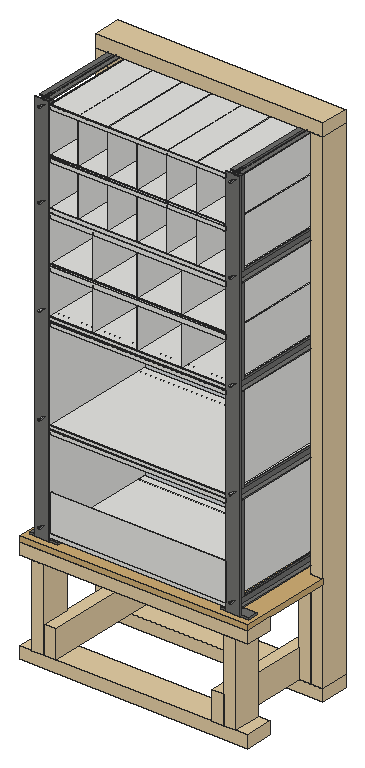
Revit family "Mailboxes_Aluminum-Rack_Ladder_System-Salsbury_Industries-4_Unit_High_Wall_Installation", category Specialty Equipment, host Wall, Revit 2016 (continued)
Definition of nested family "2200_Series_Aluminum_Mailboxes_Rack_Ladder_Units"
  Parameters (values of type "2201")
    Lock Material = none
    Horizontal Dividers = no
    Height = 12.188"
    Front Panel Material = none
    Door Slot #9 Number [instance] = "0"
    Door Slot #8 Number [instance] = "0"
    Door Slot #7 Number [instance] = "0"
    Door Slot #6 Number [instance] = "0"
    Door Slot #5 Number [instance] = "0"
    Door Slot #4 Number [instance] = "0"
    Door Slot #3 Number [instance] = "0"
    Door Slot #2 Number [instance] = "0"
    Door Slot #17 Number [instance] = "1"
    Door Slot #16 Number [instance] = "0"
    Door Slot #15 Number [instance] = "0"
    Door Slot #14 Number [instance] = "0"
    Door Slot #13 Number [instance] = "0"
    Door Slot #12 Number [instance] = "0"
    Door Slot #11 Number [instance] = "0"
    Door Slot #10 Number [instance] = "0"
    Door Slot #1 Number [instance] = "0"
    Door Numbers [instance] = yes
    Door Location D9 = Rack Ladder None : No Door
    Door Location D8 = Rack Ladder None : No Door
    Door Location D7 = Rack Ladder None : No Door
    Door Location D6 = Rack Ladder None : No Door
    Door Location D5 = Rack Ladder None : No Door
    Door Location D4 = Rack Ladder None : No Door
    Door Location D3 = Rack Ladder None : No Door
    Door Location D2 = Rack Ladder None : No Door
    Door Location D17 = Rack Ladder #4 Door-Left Blank Door : #4 Door Left Blank Door
    Door Location D16 = Rack Ladder None : No Door
    Door Location D15 = Rack Ladder None : No Door
    Door Location D13 = Rack Ladder None : No Door
    Door Location D12 = Rack Ladder #4 Door-Right Keyed Door : #4 Right Keyed Door
    Door Location D11 = Rack Ladder None : No Door
    Door Location D10 = Rack Ladder None : No Door
    Door Location D1 = Rack Ladder None : No Door
    Door Location D14 = Rack Ladder None : No Door
    Door Divider Offset = 22.031"
    Dividers 6, 7 = no
    Dividers 1, 2, 4, 5 = no
    Divider 3 Parcel = no
    Divider 3 = no
    Description = "Rack Ladder System - 1 Door"
    Depth = 15.500"
    Box Offset = 0.156"
    Back Panel = no
    Back Enclosure Material = none
    Assembly Code = "C1030910"
  Types (10): name | Void 2 Offset | Void 1 Offset | Visible | Type Comments | Rear Overhang | Rear Door | Model | Horizontal Dividers | Door Slot #9 Number | Door Slot #8 Number | Door Slot #7 Number | Door Slot #6 Number | Door Slot #5 Number | Door Slot #4 Number | Door Slot #3 Number | Door Slot #2 Number | Door Slot #17 Number | Door Slot #16 Number | Door Slot #15 Number | Door Slot #14 Number | Door Slot #13 Number | Door Slot #12 Number | Door Slot #11 Number | Door Slot #10 Number | Door Slot #1 Number | Door Numbers | Door Location D9 | Door Location D8 | Door Location D7 | Door Location D6 | Door Location D5 | Door Location D4 | Door Location D3 | Door Location D2 | Door Location D17 | Door Location D16 | Door Location D15 | Door Location D13 | Door Location D12 | Door Location D11 | Door Location D10 | Door Location D1 | Door Location D14 | Door Divider Offset | Dividers 6, 7 | Dividers 1, 2, 4, 5 | Divider 3 Parcel | Divider 3 | Description | Back Panel
    2212 | 0.000" | 0.000" | yes | "Aluminum Mailbox" | yes | no | "2212" | yes | "9" | "8" | "7" | "6" | "5" | "4" | "3" | "2" | "0" | "0" | "0" | "0" | "0" | "1\r\n2" | "1\r\n1" | "1\r\n0" | "1" | yes | Rack Ladder #1 Door : #1 Door | Rack Ladder #1 Door : #1 Door | Rack Ladder #1 Door : #1 Door | Rack Ladder #1 Door : #1 Door | Rack Ladder #1 Door : #1 Door | Rack Ladder #1 Door : #1 Door | Rack Ladder #1 Door : #1 Door | Rack Ladder #1 Door : #1 Door | Rack Ladder None : No Door | Rack Ladder None : No Door | Rack Ladder None : No Door | Rack Ladder None : No Door | Rack Ladder #1 Door : #1 Door | Rack Ladder #1 Door : #1 Door | Rack Ladder #1 Door : #1 Door | Rack Ladder #1 Door : #1 Door | Rack Ladder None : No Door | 0.000" | no | yes | no | yes | "Rack Ladder System - 12 #1 Doors" | no
    2208 | 0.000" | 0.000" | yes | "Aluminum Mailbox" | yes | no | "2208" | yes | "6" | "0" | "0" | "4" | "0" | "0" | "2" | "0" | "0" | "7" | "5" | "3" | "1" | "8" | "0" | "0" | "0" | yes | Rack Ladder #2 Door : #2 Door | Rack Ladder None : No Door | Rack Ladder None : No Door | Rack Ladder #2 Door : #2 Door | Rack Ladder None : No Door | Rack Ladder None : No Door | Rack Ladder #2 Door : #2 Door | Rack Ladder None : No Door | Rack Ladder None : No Door | Rack Ladder #2 Door : #2 Door | Rack Ladder #2 Door : #2 Door | Rack Ladder #2 Door : #2 Door | Rack Ladder #2 Door : #2 Door | Rack Ladder None : No Door | Rack Ladder None : No Door | Rack Ladder None : No Door | Rack Ladder #2 Door : #2 Door | 0.000" | yes | no | no | yes | "Rack Ladder System - 8 #2 Doors" | no
    2204 | 0.000" | 0.000" | yes | "Aluminum Mailbox" | yes | no | "2204" | yes | "3" | "0" | "0" | "2" | "0" | "0" | "1" | "0" | "0" | "0" | "0" | "0" | "0" | "4" | "0" | "0" | "0" | yes | Rack Ladder #3 Door : #3 Door | Rack Ladder None : No Door | Rack Ladder None : No Door | Rack Ladder #3 Door : #3 Door | Rack Ladder None : No Door | Rack Ladder None : No Door | Rack Ladder #3 Door : #3 Door | Rack Ladder None : No Door | Rack Ladder None : No Door | Rack Ladder None : No Door | Rack Ladder None : No Door | Rack Ladder None : No Door | Rack Ladder #3 Door : #3 Door | Rack Ladder None : No Door | Rack Ladder None : No Door | Rack Ladder None : No Door | Rack Ladder None : No Door | 0.000" | no | no | no | yes | "Rack Ladder System - 4 #3 Doors" | no
    2202 | 0.040" | 6.200" | yes | "Aluminum Mailbox" | yes | no | "2202" | no | "1" | "0" | "0" | "0" | "0" | "0" | "0" | "0" | "0" | "0" | "0" | "0" | "0" | "2" | "0" | "0" | "0" | yes | Rack Ladder #4 Door : #4 Door | Rack Ladder None : No Door | Rack Ladder None : No Door | Rack Ladder None : No Door | Rack Ladder None : No Door | Rack Ladder None : No Door | Rack Ladder None : No Door | Rack Ladder None : No Door | Rack Ladder None : No Door | Rack Ladder None : No Door | Rack Ladder None : No Door | Rack Ladder None : No Door | Rack Ladder #4 Door : #4 Door | Rack Ladder None : No Door | Rack Ladder None : No Door | Rack Ladder None : No Door | Rack Ladder None : No Door | 0.000" | no | no | no | yes | "Rack Ladder System - 2 #4 Doors" | no
    2201 | 0.040" | 6.200" | yes | "Aluminum Mailbox" | yes | no | "2201" | no | "0" | "0" | "0" | "0" | "0" | "0" | "0" | "0" | "1" | "0" | "0" | "0" | "0" | "0" | "0" | "0" | "0" | yes | Rack Ladder None : No Door | Rack Ladder None : No Door | Rack Ladder None : No Door | Rack Ladder None : No Door | Rack Ladder None : No Door | Rack Ladder None : No Door | Rack Ladder None : No Door | Rack Ladder None : No Door | Rack Ladder #4 Door-Left Blank Door : #4 Door Left Blank Door | Rack Ladder None : No Door | Rack Ladder None : No Door | Rack Ladder None : No Door | Rack Ladder #4 Door-Right Keyed Door : #4 Right Keyed Door | Rack Ladder None : No Door | Rack Ladder None : No Door | Rack Ladder None : No Door | Rack Ladder None : No Door | 22.031" | no | no | no | no | "Rack Ladder System - 1 Door" | no
    2280 | 0.040" | 6.200" | yes | "Aluminum Drop Box" | yes | no | "2280" | no | "0" | "0" | "0" | "0" | "0" | "0" | "0" | "0" | "M\r\nA\r\nI\r\nL" | "0" | "0" | "0" | "0" | "0" | "0" | "0" | "0" | yes | Rack Ladder None : No Door | Rack Ladder None : No Door | Rack Ladder None : No Door | Rack Ladder None : No Door | Rack Ladder None : No Door | Rack Ladder None : No Door | Rack Ladder None : No Door | Rack Ladder None : No Door | Rack Ladder #4 Door-Left Mail Door-Full : #4 Door Left Mail Door-Full Slot | Rack Ladder None : No Door | Rack Ladder None : No Door | Rack Ladder None : No Door | Rack Ladder #4 Door-Right Mail Door-Full : #4 Door Right Mail Door - Full Slot | Rack Ladder None : No Door | Rack Ladder None : No Door | Rack Ladder None : No Door | Rack Ladder None : No Door | 22.031" | no | no | no | no | "Rack Ladder System - 1 Compartment" | yes
    2282 | 0.040" | 6.200" | yes | "Aluminum Drop Boxes" | yes | no | "2282" | no | "M\r\nA\r\nI\r\nL" | "0" | "0" | "0" | "0" | "0" | "0" | "0" | "0" | "0" | "0" | "0" | "0" | "M\r\nA\r\nI\r\nL" | "0" | "0" | "0" | yes | Rack Ladder #4 Door-Mail Door-Center : #4 Door Right Mail Door-Centered Slot | Rack Ladder None : No Door | Rack Ladder None : No Door | Rack Ladder None : No Door | Rack Ladder None : No Door | Rack Ladder None : No Door | Rack Ladder None : No Door | Rack Ladder None : No Door | Rack Ladder None : No Door | Rack Ladder None : No Door | Rack Ladder None : No Door | Rack Ladder None : No Door | Rack Ladder #4 Door-Mail Door-Center : #4 Door Right Mail Door-Centered Slot | Rack Ladder None : No Door | Rack Ladder None : No Door | Rack Ladder None : No Door | Rack Ladder None : No Door | 0.000" | no | no | no | yes | "Rack Ladder System - 2 Compartments" | yes
    None | 0.000" | 0.000" | no | "Aluminum Mailbox" | no | no | "2212" | no | "9" | "8" | "7" | "6" | "5" | "4" | "3" | "2" | "0" | "0" | "0" | "0" | "0" | "1\r\n2" | "1\r\n1" | "1\r\n0" | "1" | no | Rack Ladder #1 Door : #1 Door | Rack Ladder #1 Door : #1 Door | Rack Ladder #1 Door : #1 Door | Rack Ladder #1 Door : #1 Door | Rack Ladder #1 Door : #1 Door | Rack Ladder #1 Door : #1 Door | Rack Ladder #1 Door : #1 Door | Rack Ladder #1 Door : #1 Door | Rack Ladder None : No Door | Rack Ladder None : No Door | Rack Ladder None : No Door | Rack Ladder None : No Door | Rack Ladder #1 Door : #1 Door | Rack Ladder #1 Door : #1 Door | Rack Ladder #1 Door : #1 Door | Rack Ladder #1 Door : #1 Door | Rack Ladder None : No Door | 0.000" | no | no | no | no | "Rack Ladder System - 12 #1 Doors" | no
    2270P | 0.040" | 6.200" | yes | "Aluminum Parcel Locker" | no | yes | "2270P" | no | "1" | "0" | "0" | "0" | "0" | "0" | "0" | "0" | "0" | "0" | "0" | "0" | "0" | "2" | "0" | "0" | "0" | yes | Rack Ladder None : No Door | Rack Ladder None : No Door | Rack Ladder None : No Door | Rack Ladder None : No Door | Rack Ladder None : No Door | Rack Ladder None : No Door | Rack Ladder None : No Door | Rack Ladder None : No Door | Rack Ladder None : No Door | Rack Ladder None : No Door | Rack Ladder None : No Door | Rack Ladder None : No Door | Rack Ladder #4 Door-Right Parcel Doors : Full Parcel Door | Rack Ladder None : No Door | Rack Ladder None : No Door | Rack Ladder None : No Door | Rack Ladder None : No Door | 0.000" | no | no | no | no | "Rack Ladder System - 1 Door" | no
    2272P | 0.040" | 6.200" | yes | "Aluminum Parcel Lockers" | no | yes | "2272P" | no | "1" | "0" | "0" | "0" | "0" | "0" | "0" | "0" | "0" | "0" | "0" | "0" | "0" | "2" | "0" | "0" | "0" | yes | Rack Ladder #4 Door-Right Parcel Doors : #4 Door-Right Parcel Door 1P | Rack Ladder None : No Door | Rack Ladder None : No Door | Rack Ladder None : No Door | Rack Ladder None : No Door | Rack Ladder None : No Door | Rack Ladder None : No Door | Rack Ladder None : No Door | Rack Ladder None : No Door | Rack Ladder None : No Door | Rack Ladder None : No Door | Rack Ladder None : No Door | Rack Ladder #4 Door-Right Parcel Doors : #4 Door-Right Parcel Door 2P | Rack Ladder None : No Door | Rack Ladder None : No Door | Rack Ladder None : No Door | Rack Ladder None : No Door | 0.000" | no | no | yes | no | "Rack Ladder System - 2 Doors" | no
  Reference planes (in)
    plane 1 "Center (Front/Back)": y = 0
    plane 2 "Bottom": z = 0
    plane 3 "Center (Left/Right)": x = 0
    plane 4 "Left": x = -11.625
    plane 5 "Right": x = 11.625
    plane 6 "Front": y = -7.75
    plane 7 "Back": y = 7.75
    plane 8 "Vertical Center": z = 6.094
    plane 9 "Top": z = 12.188
    plane 10: y = -7.625
    plane 11 "Door Align-Back of Door": y = -7.09375
    plane 12 "Back Edge of Top Trim": y = -6.21875
    plane 13 "Front Edge of Side Panels": y = -6.8125
    plane 14 "Back Edge of Side Panels": y = 7.625
    plane 15: y = -7.563
    plane 16: y = -7.063
    plane 17 "Back Edge of Bottom Trim": y = -6.1255
    plane 18: z = 0.125
    plane 19: z = 0.0625
    plane 20 "Bottom Trim Height": z = 0.25
    plane 21 "Top Trim Height": z = 11.8755
    plane 22: z = 12.03175
    plane 23: z = 12.063
    plane 24 "Right Side Trim Alignment-Top and Bottom Trim": x = 11.25
    plane 25 "Inner Right Side of Trim": x = 11.09375
    plane 26 "Right Wall of Enclsosure": x = 10.93775
    plane 27: y = -7.5
    plane 28: y = -7.375
    plane 29 "Back Edge of Side Trim": y = -6.3125
    plane 30 "Left Side Trim Alignment-Top and Bottom Trim": x = -11.25
    plane 31 "Trop Trim Extrusion Line": y = -7.53125
    plane 32 "Left Wall of Enclosure": x = -11.0935
    plane 33: z = 11.7505
    plane 34: z = -0.249
    plane 35: z = 0
    plane 36: x = -11.59375
    plane 37: x = 11.625
    plane 38 "Door Divider 2": x = -3.6975
    plane 39 "Door Divider 3": x = 0.0005
    plane 40 "Door Divider 4": x = 3.6985
    plane 41 "Door Divider 7": x = 5.54825
    plane 42 "Door Divider 5": x = 7.3965
    plane 43 "Void 1": z = 6.063
    plane 44 "Void 2 Offset": y = 7.665
    plane 45 "Bottom Compartment Section-Top Plate": z = 5.907
    plane 46 "Door Divider 6": x = -5.54675
    plane 47 "Door Divider 1": x = -7.3955
    plane 48 "Door Divider Offset Align": x = 11.09375
    plane 49 "Door Divider": x = -10.93725
    plane 50 "Void 1 Offset": z = -0.137
    plane 51 "Void 2": y = 7.625
    plane 52: z = 6.188
    plane 53 "Vertical Center of Back Enclosure": z = 6.063
    plane 54 "Door Align - Row 2": z = 0.28125
    plane 55 "Door Align - Row 1": z = 6.219
    plane 56 "Vertical Door Align 5": x = 7.23725
    plane 57 "Vertical Door Align 8": x = 5.389
    plane 58 "Vertical Door Align 4": x = 3.53925
    plane 59 "Vertical Door Align 3": x = -0.15875
    plane 60 "Vertical Door Align 2": x = -3.85675
    plane 61 "Vertical Door Align 7": x = -5.70575
    plane 62 "Vertical Door Align 1": x = -7.5545
    plane 63 "Vertical Door Align 6": x = 10.9375
    plane 64 "OffSet Divider Line": x = -11.0935
    plane 65 "Hinge 1": x = 5.93775
    plane 66 "Hinge 2": x = -6.0935
    plane 67: z = 11.84425
    plane 68: x = -11.06225
    plane 69: x = 10.9065
    plane 70: z = 5.938
    plane 71: z = 11.84425
    plane 72: z = 11.81325
    plane 73: z = 11.41742
    plane 74: z = 11.38642
    plane 75: y = 7.719
    plane 76: y = 7.656
    plane 77: y = 7.594
    plane 78: y = 7.719
    plane 79: y = 7.656
    plane 80: z = 5.876
    plane 81: z = 5.47992
    plane 82: z = 5.44892
    plane 83: z = 10.688
    plane 84: z = 0.46875
    plane 85: z = 0.15625
    plane 86: x = 7.0315
    plane 87: x = 4.844
    plane 88: x = -4.99975
    plane 89: x = -7.18725
    plane 90: y = 7.656
    plane 91: z = 4.875
    plane 92: y = 7.594
    plane 93: x = -11.3745
    plane 94: y = 7.5625
    plane 95: y = 6.6875
    plane 96: y = 6.625
    plane 97: z = 0.1875
    plane 98: z = 0.0625
    plane 99: z = 11.84425
    plane 100: x = 7.4275
    plane 101: x = 5.57925
    plane 102: x = 3.7295
    plane 103: x = 0.0315
    plane 104: x = -3.6665
    plane 105: x = -5.51575
    plane 106: x = -7.3645
    plane 107: z = 6.12525
    plane 108: y = -7.3755
    plane 109: y = -7.5
    plane 110: x = -11.09325
    plane 111: y = 7.5625
  Forms (in)
    Extrusion 1, solid, material <- "Trim Material", visible <- "Visible"
      sketch origin (0, 0, 0) x (0, 1, 0) y (0, 0, 1)
        loop
          line (-7.75, 11.8755) -> (-6.21875, 11.8755) -> (-6.21875, 12.03175) -> (-7.09375, 12.03175) -> (-7.09375, 12.063) -> (-7.625, 12.063) -> (-7.625, 12.188) -> (-7.75, 12.188) -> (-7.75, 11.8755)
      from -11.25 to 11.25
    Extrusion 2, solid, material <- "Trim Material", visible <- "Visible"
      sketch origin (0, 0, 0) x (0, 1, 0) y (0, 0, 1)
        loop
          line (-6.1255, 0.25) -> (-7.75, 0.25) -> (-7.75, 0.125) -> (-7.563, 0.125) -> (-7.563, 0) -> (-7.063, 0) -> (-7.063, 0.0625) -> (-6.1255, 0.0625) -> (-6.1255, 0.25)
      from -11.625 to 11.625
    Extrusion 3, solid, material <- "Trim Material", visible <- "Visible"
      sketch origin (0, 0, 6.094) x (0, -1, 0) y (1, 0, 0)
        loop
          line (7.5, 11.625) -> (7.375, 11.625) -> (7.375, 11.25) -> (6.3125, 11.25) -> (6.3125, 11.09375) -> (7.75, 11.09375) -> (7.75, 11.25) -> (7.5, 11.25) -> (7.5, 11.625)
      from -5.844 to 5.7815
    Extrusion 4, void
      sketch origin (0, 0, 0) x (1, 0, 0) y (0, 1, 0)
        loop
          line (11.625, -7.75) -> (11.625, -7.5) -> (11.25, -7.5) -> (11.25, -7.75) -> (11.625, -7.75)
      from 0 to 0.25
    Extrusion 5, solid, material <- "Trim Material", visible <- "Visible"
      sketch origin (0, 0, 6.094) x (0, -1, 0) y (1, 0, 0)
        loop
          line (7.5, -11.625) -> (7.5, -11.25) -> (7.75, -11.25) -> (7.75, -11.0935) -> (6.3125, -11.0935) -> (6.3125, -11.25) -> (7.3755, -11.25) -> (7.3755, -11.625) -> (7.5, -11.625)
      from -5.844 to 5.7815
    Extrusion 6, void
      sketch origin (0, 0, 0) x (-1, 0, 0) y (0, -1, 0)
        loop
          line (11.625, 7.75) -> (11.25, 7.75) -> (11.25, 7.5) -> (11.625, 7.5) -> (11.625, 7.75)
      from 0 to 0.25
    Extrusion 7, void
      sketch origin (0, 0, 0) x (0, 1, 0) y (0, 0, 1)
        loop
          line (-7.75, 11.8755) -> (-7.53125, 11.8755) -> (-7.53125, 12.03175) -> (-7.75, 12.03175) -> (-7.75, 11.8755)
      from -11.0935 to 11.09375
    Sweep 8, solid, material <- "Back Enclosure Material", visible <- "Visible"
      path origin (0, 0, 0) x (1, 0, 0) y (0, 0, 1)
        loop
          line (-11.0935, 11.8755) -> (-11.0935, 0.25) -> (10.93775, 0.25) -> (10.93775, 11.8755) -> (-11.0935, 11.8755)
      profile origin (-0.07788, 0, 11.8755) x (0, 0, 1) y (0, -1, 0)
        loop
          line (0, 7.09375) -> (-0.03125, 7.09375) -> (-0.03125, -7.625) -> (0, -7.625) -> (0, 7.09375)
    Extrusion 9, solid, material <- "Back Enclosure Material", visible <- "Rear Overhang"
      sketch origin (0, 0, 0) x (0, 1, 0) y (0, 0, 1)
        loop
          line (7.625, 11.8755) -> (7.625, 11.84425) -> (7.719, 11.84425) -> (7.719, 11.41742) -> (7.656, 11.41742) -> (7.656, 11.81325) -> (7.625, 11.81325) -> (7.625, 11.38642) -> (7.75, 11.38642) -> (7.75, 11.8755) -> (7.625, 11.8755)
      from -11.0935 to 10.93775
    Extrusion 10, solid, material <- "Back Enclosure Material", visible <- "Visible"
      sketch origin (0, 0, 0) x (0, 1, 0) y (0, 0, 1)
        loop
          line (7.625, 0.25) -> (6.625, 0.25) -> (6.625, 0.0625) -> (6.6875, 0.0625) -> (6.6875, 0.1875) -> (7.5625, 0.1875) -> (7.5625, -0.249) -> (7.625, -0.249) -> (7.625, 0.25)
      from -11.59375 to 11.625
    Extrusion 11, void
      sketch origin (0, 0, -0.137) x (0, -1, 0) y (1, 0, 0)
        loop
          line (-7.625, -11.0935) -> (7.563, -11.0935) -> (7.563, 11.09375) -> (-7.625, 11.09375) -> (-7.625, -11.0935)
      from -0.125 to 0.125
    Extrusion 12, void
      sketch origin (0, 7.665, 0) x (0, 0, -1) y (1, 0, 0)
        loop
          line (-6.219, 11.25) -> (-6.219, 10.93775) -> (-5.907, 10.93775) -> (-5.907, 11.25) -> (-6.219, 11.25)
        loop
          line (-6.219, -11.0935) -> (-6.219, -11.375) -> (-5.907, -11.375) -> (-5.907, -11.0935) -> (-6.219, -11.0935)
      from 0 to 0.031
    Extrusion 13, solid, material <- "Back Enclosure Material", visible <- "Horizontal Dividers"
      sketch origin (0, 0, -5.8595) x (0, 1, 0) y (0, 0, 1)
        loop
          line (7.625, 11.7975) -> (7.625, 11.9535) -> (7.594, 11.9535) -> (7.594, 11.7665) -> (7.719, 11.7665) -> (7.719, 11.33942) -> (7.656, 11.33942) -> (7.656, 11.7355) -> (7.625, 11.7355) -> (7.625, 11.30842) -> (7.75, 11.30842) -> (7.75, 11.7975) -> (7.625, 11.7975)
      from -11.0935 to 10.93775
    Extrusion 14, solid, material <- "Front Panel Material", visible <- "Visible"
      sketch origin (-10.93725, 0, 0) x (0, -1, 0) y (0, 0, 1)
        loop
          line (6.3125, 11.8755) -> (6.3125, 0.25) -> (7.53125, 0.25) -> (7.53125, 11.8755) -> (6.3125, 11.8755)
      from 0 to 0.156
    Extrusion 15, solid, material <- "Front Panel Material", visible <- "Dividers 6, 7"
      sketch origin (5.54825, 0, 0) x (0, 0, -1) y (0, -1, 0)
        loop
          line (-11.8755, 6.3125) -> (-0.25, 6.3125) -> (-0.25, 7.53125) -> (-11.8755, 7.53125) -> (-11.8755, 6.3125)
      from 0 to 0.15925
    Extrusion 16, solid, material <- "Front Panel Material", visible <- "Dividers 1, 2, 4, 5"
      sketch origin (7.3965, 0, 0) x (0, 0, -1) y (0, -1, 0)
        loop
          line (-11.8755, 6.3125) -> (-0.25, 6.3125) -> (-0.25, 7.53125) -> (-11.8755, 7.53125) -> (-11.8755, 6.3125)
      from 0 to 0.15925
    Extrusion 17, solid, material <- "Front Panel Material", visible <- "Dividers 6, 7"
      sketch origin (-5.54675, 0, 0) x (0, 0, -1) y (0, 1, 0)
        loop
          line (-11.8755, -6.3125) -> (-11.8755, -7.53125) -> (-0.25, -7.53125) -> (-0.25, -6.3125) -> (-11.8755, -6.3125)
      from 0 to -0.159
    Extrusion 18, solid, material <- "Front Panel Material", visible <- "Dividers 1, 2, 4, 5"
      sketch origin (3.6985, 0, 0) x (0, 0, -1) y (0, -1, 0)
        loop
          line (-11.8755, 6.3125) -> (-0.25, 6.3125) -> (-0.25, 7.53125) -> (-11.8755, 7.53125) -> (-11.8755, 6.3125)
      from 0 to 0.15925
    Extrusion 19, solid, material <- "Front Panel Material", visible <- "Divider 3"
      sketch origin (0.0005, 0, 0) x (0, 0, -1) y (0, -1, 0)
        loop
          line (-11.8755, 6.3125) -> (-0.25, 6.3125) -> (-0.25, 7.53125) -> (-11.8755, 7.53125) -> (-11.8755, 6.3125)
      from 0 to 0.15925
    Extrusion 20, solid, material <- "Front Panel Material", visible <- "Dividers 1, 2, 4, 5"
      sketch origin (-3.6975, 0, 0) x (0, 0, -1) y (0, -1, 0)
        loop
          line (-11.8755, 6.3125) -> (-0.25, 6.3125) -> (-0.25, 7.53125) -> (-11.8755, 7.53125) -> (-11.8755, 6.3125)
      from 0 to 0.15925
    Extrusion 21, solid, material <- "Front Panel Material", visible <- "Dividers 1, 2, 4, 5"
      sketch origin (-7.3955, 0, 0) x (0, 0, -1) y (0, 1, 0)
        loop
          line (-11.8755, -6.3125) -> (-11.8755, -7.53125) -> (-0.25, -7.53125) -> (-0.25, -6.3125) -> (-11.8755, -6.3125)
      from 0 to -0.159
    Extrusion 22, solid, material <- "Back Enclosure Material", visible <- "Horizontal Dividers"
      sketch origin (0, 0, 5.907) x (1, 0, 0) y (0, 1, 0)
        loop
          line (-11.06225, 7.594) -> (-11.06225, -7.09375) -> (10.9065, -7.09375) -> (10.9065, 7.594) -> (-11.06225, 7.594)
      from 0 to 0.031
    Extrusion 23, solid, material <- "Back Enclosure Material", visible <- "Horizontal Dividers"
      sketch origin (0, 0, 6.219) x (1, 0, 0) y (0, 1, 0)
        loop
          line (-11.06225, 7.625) -> (-11.06225, -7.09375) -> (10.9065, -7.09375) -> (10.9065, 7.625) -> (-11.06225, 7.625)
      from 0 to -0.031
    Extrusion 24, solid, material <- "Trim Material", visible <- "Horizontal Dividers"
      sketch origin (0, 0, 0) x (0, 1, 0) y (0, 0, 1)
        loop
          line (-6.3125, 5.938) -> (-6.3125, 6.188) -> (-7.75, 6.188) -> (-7.75, 6.12525) -> (-7.53125, 6.12525) -> (-7.53125, 5.938) -> (-6.3125, 5.938)
      from -11.0935 to 11.09375
    Extrusion 25, solid, material <- "Back Enclosure Material", visible <- "Dividers 1, 2, 4, 5"
      sketch origin (7.3965, 0, 0) x (0, 0, -1) y (0, -1, 0)
        loop
          line (-11.84425, 7.09375) -> (-11.84425, -7.625) -> (-0.28125, -7.625) -> (-0.28125, 7.09375) -> (-11.84425, 7.09375)
      from 0 to -0.031
    Extrusion 26, solid, material <- "Back Enclosure Material", visible <- "Dividers 1, 2, 4, 5"
      sketch origin (3.6985, 0, 0) x (0, 0, -1) y (0, -1, 0)
        loop
          line (-11.84425, 7.09375) -> (-11.84425, -7.625) -> (-0.28125, -7.625) -> (-0.28125, 7.09375) -> (-11.84425, 7.09375)
      from 0 to -0.031
    Extrusion 27, solid, material <- "Back Enclosure Material", visible <- "Divider 3"
      sketch origin (0.0005, 0, 0) x (0, 0, -1) y (0, -1, 0)
        loop
          line (-11.84425, 7.09375) -> (-11.84425, -7.625) -> (-0.28125, -7.625) -> (-0.28125, 7.09375) -> (-11.84425, 7.09375)
      from 0 to -0.031
    Extrusion 28, solid, material <- "Back Enclosure Material", visible <- "Dividers 1, 2, 4, 5"
      sketch origin (-3.6975, 0, 0) x (0, 0, -1) y (0, -1, 0)
        loop
          line (-11.84425, 7.09375) -> (-11.84425, -7.625) -> (-0.28125, -7.625) -> (-0.28125, 7.09375) -> (-11.84425, 7.09375)
      from 0 to -0.031
    Extrusion 29, solid, material <- "Back Enclosure Material", visible <- "Dividers 1, 2, 4, 5"
      sketch origin (-7.3955, 0, 0) x (0, 0, -1) y (0, 1, 0)
        loop
          line (-11.84425, -7.09375) -> (-0.28125, -7.09375) -> (-0.28125, 7.625) -> (-11.84425, 7.625) -> (-11.84425, -7.09375)
      from 0 to 0.031
    Extrusion 30, solid, material <- "Back Enclosure Material", visible <- "Dividers 6, 7"
      sketch origin (5.54825, 0, 0) x (0, 0, -1) y (0, -1, 0)
        loop
          line (-11.84425, 7.09375) -> (-11.84425, -7.625) -> (-0.28125, -7.625) -> (-0.28125, 7.09375) -> (-11.84425, 7.09375)
      from 0 to -0.031
    Extrusion 31, solid, material <- "Back Enclosure Material", visible <- "Dividers 6, 7"
      sketch origin (-5.54675, 0, 0) x (0, 0, -1) y (0, 1, 0)
        loop
          line (-11.84425, -7.09375) -> (-0.28125, -7.09375) -> (-0.28125, 7.625) -> (-11.84425, 7.625) -> (-11.84425, -7.09375)
      from 0 to 0.031
    Extrusion 32, solid, visible <- "Visible"
      sketch origin (10.93775, 0, 0) x (0, -1, 0) y (0, 0, 1)
        loop
          line (-7.594, 11.8755) -> (-7.625, 11.8755) -> (-7.625, 0.25) -> (-7.594, 0.25) -> (-7.594, 11.8755)
      from -0.31225 to 0
    Extrusion 33, solid, visible <- "Visible"
      sketch origin (-11.0935, 0, 0) x (0, 0, -1) y (0, -1, 0)
        loop
          line (-11.8755, -7.594) -> (-11.8755, -7.625) -> (-0.28125, -7.625) -> (-0.28125, -7.594) -> (-11.8755, -7.594)
      from 0.281 to 0
    Extrusion 34, solid, material <- "Back Enclosure Material", visible <- "Back Panel"
      sketch origin (0, 7.625, 0) x (0, 0, -1) y (1, 0, 0)
        loop
          line (-0.25, 10.93775) -> (-4.875, 10.93775) -> (-4.875, -11.0935) -> (-0.25, -11.0935) -> (-0.25, 10.93775)
      from 0 to -0.031
    Extrusion 35, solid, material <- "Back Enclosure Material", visible <- "Rear Door"
      sketch origin (0, 7.625, 0) x (0, 0, -1) y (1, 0, 0)
        loop
          line (-11.8755, 10.93775) -> (-11.8755, -11.0935) -> (-10.688, -11.0935) -> (-10.688, 10.93775) -> (-11.8755, 10.93775)
      from 0 to -0.031
    Extrusion 36, solid, material <- "Back Enclosure Material", visible <- "Rear Door"
      sketch origin (0, 7.625, 0) x (0, 0, -1) y (1, 0, 0)
        loop
          line (-10.688, 10.93775) -> (-10.688, -11.0935) -> (0.249, -11.0935) -> (0.249, 10.93775) -> (-10.688, 10.93775)
        loop
          line (-0.15625, 7.0315) -> (-0.46875, 7.0315) -> (-0.46875, 4.844) -> (-0.15625, 4.844) -> (-0.15625, 7.0315)
        loop
          line (-0.15625, -4.99975) -> (-0.46875, -4.99975) -> (-0.46875, -7.18725) -> (-0.15625, -7.18725) -> (-0.15625, -4.99975)
      from 0 to -0.031
    Extrusion 37, solid, material <- "Trim Material", visible <- "Divider 3 Parcel"
      sketch origin (-0.15875, 0, 0) x (0, 0, -1) y (0, -1, 0)
        loop
          line (-11.8755, 6.3125) -> (-0.25, 6.3125) -> (-0.25, 7.53125) -> (-11.8755, 7.53125) -> (-11.8755, 6.3125)
      from 0 to -0.15925
    Extrusion 38, solid, material <- "Front Panel Material", visible <- "Visible"
      sketch origin (11.09375, 0, 0) x (0, -1, 0) y (0, 0, 1)
        loop
          line (6.3125, 11.8755) -> (6.3125, 0.25) -> (7.53125, 0.25) -> (7.53125, 11.8755) -> (6.3125, 11.8755)
      from 0 to 0.156
  Cuts and joins
    Extrusion 4, Extrusion 7 cuts Extrusion 1
    Extrusion 4, Extrusion 6 cuts Extrusion 2
    Extrusion 4, Extrusion 7 cuts Extrusion 3
    Extrusion 11, Extrusion 12 cuts Sweep 8
    Extrusion 11 cuts Extrusion 14
    Extrusion 11 cuts Extrusion 16
    Extrusion 11 cuts Extrusion 15
    Extrusion 11 cuts Extrusion 18
    Extrusion 11 cuts Extrusion 19
    Extrusion 11 cuts Extrusion 20
    Extrusion 11 cuts Extrusion 17
    Extrusion 11 cuts Extrusion 21
    Extrusion 11 cuts Extrusion 25
    Extrusion 11 cuts Extrusion 30
    Extrusion 11 cuts Extrusion 26
    Extrusion 11 cuts Extrusion 27
    Extrusion 11 cuts Extrusion 28
    Extrusion 11 cuts Extrusion 31
    Extrusion 11 cuts Extrusion 29
    Extrusion 12 cuts Extrusion 32
    Extrusion 12 cuts Extrusion 33
  Lines and regions (in)
    symbolic lines
      curve 1: line (-11.625, 7.75, 11.8755) -> (-11.0935, 7.75, 11.8755)
      curve 2: line (-11.625, 7.75, 0.25) -> (-11.625, 7.75, 11.8755)
      curve 3: line (-11.0935, 7.75, 0.25) -> (-11.625, 7.75, 0.25)
      curve 4: line (-11.0935, 7.75, 11.8755) -> (-11.0935, 7.75, 0.25)
      curve 5: line (11.09375, 7.75, 11.8755) -> (11.625, 7.75, 11.8755)
      curve 6: line (11.09375, 7.75, 0.25) -> (11.09375, 7.75, 11.8755)
      curve 7: line (11.625, 7.75, 0.25) -> (11.09375, 7.75, 0.25)
      curve 8: line (11.625, 7.75, 11.8755) -> (11.625, 7.75, 0.25)
      curve 9: line (-11.25, 7.75, 12.188) -> (11.25, 7.75, 12.188)
      curve 10: line (-11.25, 7.75, 11.8755) -> (-11.25, 7.75, 12.188)
      curve 11: line (11.25, 7.75, 11.8755) -> (-11.25, 7.75, 11.8755)
      curve 12: line (11.25, 7.75, 12.188) -> (11.25, 7.75, 11.8755)
      curve 13: line (-11.625, 7.75, 0.25) -> (11.625, 7.75, 0.25)
      curve 14: line (-11.625, 7.75, 0) -> (-11.625, 7.75, 0.25)
      curve 15: line (11.625, 7.75, 0) -> (-11.625, 7.75, 0)
      curve 16: line (11.625, 7.75, 0.25) -> (11.625, 7.75, 0)
      curve 17: line (0.0005, -6.3125, 11.8755) -> (0.0005, 7.75, 11.8755)
      curve 18: line (0.0005, -6.3125, 0) -> (0.0005, -6.3125, 11.8755)
      curve 19: line (0.0005, 7.75, 0) -> (0.0005, -6.3125, 0)
      curve 20: line (0.0005, 7.75, 11.8755) -> (0.0005, 7.75, 0)
      curve 21: line (0.0005, -7.75, 12.188) -> (0.0005, -7.625, 12.188)
      curve 22: line (0.0005, -7.75, 0.125) -> (0.0005, -7.75, 12.188)
      curve 23: line (0.0005, -7.063, 0) -> (0.0005, -7.563, 0)
      curve 24: line (-11.625, 7.75, 0.28125) -> (11.625, 7.75, 0.28125)
      curve 25: line (-11.625, -6.1255, 0.28125) -> (-11.625, 7.75, 0.28125)
      curve 26: line (11.625, -6.1255, 0.28125) -> (-11.625, -6.1255, 0.28125)
      curve 27: line (11.625, 7.75, 0.28125) -> (11.625, -6.1255, 0.28125)
      curve 28: line (-11.625, -7.5, 0.28125) -> (-11.625, -6.1255, 0.28125)
      curve 29: line (11.25, -7.75, 0.28125) -> (-11.25, -7.75, 0.28125)
      curve 30: line (11.625, -6.1255, 0.28125) -> (11.625, -7.5, 0.28125)
      curve 31: line (11.625, -7.5, 0.28125) -> (11.25, -7.5, 0.28125)
      curve 32: line (11.25, -7.5, 0.28125) -> (11.25, -7.75, 0.28125)
      curve 33: line (-11.625, -7.5, 0.28125) -> (-11.25, -7.5, 0.28125)
      curve 34: line (-11.25, -7.5, 0.28125) -> (-11.25, -7.75, 0.28125)
      curve 35: line (0.0005, -7.563, 0) -> (0.0005, -7.563, 0.125)
      curve 36: line (0.0005, -7.563, 0.125) -> (0.0005, -7.75, 0.125)
      curve 37: line (0.0005, -7.063, 0) -> (0.0005, -7.063, 0.0625)
      curve 38: line (0.0005, -7.063, 0.0625) -> (0.0005, -6.1255, 0.0625)
      curve 39: line (0.0005, -7.625, 12.188) -> (0.0005, -7.625, 12.063)
      curve 40: line (0.0005, -7.625, 12.063) -> (0.0005, -7.09375, 12.063)
      curve 41: line (0.0005, -7.09375, 12.063) -> (0.0005, -7.09375, 12.03175)
      curve 42: line (0.0005, -7.09375, 12.03175) -> (0.0005, -6.21875, 12.03175)
      curve 43: line (0.0005, -6.21875, 12.03175) -> (0.0005, -6.21875, 11.8755)
      curve 44: line (0.0005, 7.5625, -0.249) -> (0.0005, 7.5625, 0)
      curve 45: line (0.0005, 7.625, -0.249) -> (0.0005, 7.5625, -0.249)
      curve 46: line (0.0005, 7.625, 0) -> (0.0005, 7.625, -0.249)
  Dimensions and locks (in)
    plane 6 "Front" to plane 1 "Center (Front/Back)" to plane 7 "Back" = 7.750", 7.750"
    "Depth": plane 6 "Front" to plane 7 "Back"
    equal spacing: plane 4 "Left", plane 3 "Center (Left/Right)", plane 5 "Right"
    "Width": plane 4 "Left" to plane 5 "Right"
    equal spacing: plane 9 "Top", plane 8 "Vertical Center", plane 2 "Bottom"
    "Height": plane 9 "Top" to plane 2 "Bottom"
    plane 6 "Front" to plane 10 to plane 11 "Door Align-Back of Door" to plane 12 "Back Edge of Top Trim" = 0.125", 0.53125", 0.875"
    plane 14 "Back Edge of Side Panels" to plane 7 "Back" = 0.125"
    plane 6 "Front" to plane 13 "Front Edge of Side Panels" = 0.9375"
    plane 6 "Front" to plane 15 to plane 16 to plane 17 "Back Edge of Bottom Trim" = 0.187", 0.500", 0.9375"
    plane 18 to plane 2 "Bottom" = 0.125"
    plane 19 to plane 2 "Bottom" = 0.0625"
    plane 20 "Bottom Trim Height" to plane 2 "Bottom" = 0.250"
    plane 9 "Top" to plane 21 "Top Trim Height" = 0.3125"
    plane 22 to plane 9 "Top" = 0.15625"
    plane 23 to plane 9 "Top" = 0.125"
    plane 25 "Inner Right Side of Trim" to plane 24 "Right Side Trim Alignment-Top and Bottom Trim" to plane 5 "Right" = 0.15625", 0.375"
    plane 6 "Front" to plane 27 to plane 28 = 0.250", 0.125"
    plane 6 "Front" to plane 29 "Back Edge of Side Trim" = 1.4375"
    plane 4 "Left" to plane 30 "Left Side Trim Alignment-Top and Bottom Trim" = 0.375"
    Extrusion 3 to plane 5 "Right" = 0.375"
    plane 6 "Front" to plane 31 "Trop Trim Extrusion Line" = 0.21875"
    plane 33 to plane 21 "Top Trim Height" = 0.125"
    plane 34 to plane 35 to plane 20 "Bottom Trim Height" = 0.249", 0.250"
    plane 8 "Vertical Center" to plane 43 "Void 1" = 0.031"
    "Void 2 Offset": plane 14 "Back Edge of Side Panels" to plane 44 "Void 2 Offset"
    plane 32 "Left Wall of Enclosure" to plane 47 "Door Divider 1" = 3.698"
    plane 32 "Left Wall of Enclosure" to plane 46 "Door Divider 6" = 5.54675"
    plane 32 "Left Wall of Enclosure" to plane 38 "Door Divider 2" = 7.396"
    plane 32 "Left Wall of Enclosure" to plane 39 "Door Divider 3" = 11.094"
    plane 32 "Left Wall of Enclosure" to plane 40 "Door Divider 4" = 14.792"
    plane 32 "Left Wall of Enclosure" to plane 41 "Door Divider 7" = 16.64175"
    plane 32 "Left Wall of Enclosure" to plane 42 "Door Divider 5" = 18.490"
    locked: plane 32 "Left Wall of Enclosure" to plane 26 "Right Wall of Enclsosure" at 22.03125
    "Box Offset": plane 26 "Right Wall of Enclsosure" to plane 25 "Inner Right Side of Trim"
    "Door Divider Offset": plane 49 "Door Divider" to plane 48 "Door Divider Offset Align"
    "Void 1 Offset": plane 50 "Void 1 Offset" to plane 43 "Void 1"
    plane 52 to plane 8 "Vertical Center" = 0.094"
    plane 45 "Bottom Compartment Section-Top Plate" to plane 8 "Vertical Center" to plane 52 = 0.187", 0.094"
    plane 56 "Vertical Door Align 5" to plane 42 "Door Divider 5" = 0.15925"
    plane 57 "Vertical Door Align 8" to plane 41 "Door Divider 7" = 0.15925"
    plane 58 "Vertical Door Align 4" to plane 40 "Door Divider 4" = 0.15925"
    plane 59 "Vertical Door Align 3" to plane 39 "Door Divider 3" = 0.15925"
    plane 60 "Vertical Door Align 2" to plane 38 "Door Divider 2" = 0.15925"
    plane 61 "Vertical Door Align 7" to plane 46 "Door Divider 6" = 0.159"
    plane 62 "Vertical Door Align 1" to plane 47 "Door Divider 1" = 0.159"
    plane 65 "Hinge 1" to plane 26 "Right Wall of Enclsosure" = 5.000"
    plane 32 "Left Wall of Enclosure" to plane 66 "Hinge 2" = 5.000"
    plane 67 to plane 21 "Top Trim Height" = 0.03125"
    plane 74 to plane 73 to plane 72 to plane 71 to plane 21 "Top Trim Height" = 0.031", 0.39583", 0.031", 0.03125"
    plane 14 "Back Edge of Side Panels" to plane 76 to plane 75 to plane 7 "Back" = 0.031", 0.063", 0.031"
    plane 4 "Left" to plane 89 to plane 88 = 4.43775", 2.1875"
    plane 87 to plane 86 to plane 5 "Right" = 2.1875", 4.5935"
    plane 34 to plane 85 to plane 84 = 0.40525", 0.3125"
    plane 92 to plane 14 "Back Edge of Side Panels" to plane 90 = 0.031", 0.031"
    plane 96 to plane 95 to plane 94 to plane 14 "Back Edge of Side Panels" = 0.0625", 0.875", 0.0625"
    plane 34 to plane 98 to plane 97 to plane 20 "Bottom Trim Height" = 0.3115", 0.125", 0.0625"
    plane 99 to plane 21 "Top Trim Height" = 0.03125"
    plane 52 to plane 107 = 0.06275"
    plane 108 to plane 109 to plane 31 "Trop Trim Extrusion Line" = 0.1245", 0.03125"
    locked: plane 110 to plane 49 "Door Divider" at 0.156
    aligned and locked: plane 2 "Bottom" to level
    aligned and locked: Extrusion 24 to plane 25 "Inner Right Side of Trim"
    aligned and locked: plane 32 "Left Wall of Enclosure" to Extrusion 13
    aligned and locked: Extrusion 13 to plane 26 "Right Wall of Enclsosure"
    aligned and locked: Extrusion 9 to plane 26 "Right Wall of Enclsosure"
    aligned and locked: plane 32 "Left Wall of Enclosure" to Extrusion 9
    aligned and locked: nested 6 to plane 54 "Door Align - Row 2"
    aligned and locked: nested 5 to plane 54 "Door Align - Row 2"
    aligned and locked: nested 4 to plane 54 "Door Align - Row 2"
    aligned and locked: nested 3 to plane 54 "Door Align - Row 2"
    aligned and locked: nested 1 to plane 54 "Door Align - Row 2"
    aligned and locked: nested 2 to plane 54 "Door Align - Row 2"
    aligned and locked: nested 8 to plane 55 "Door Align - Row 1"
    aligned and locked: nested 7 to plane 55 "Door Align - Row 1"
    aligned and locked: nested 9 to plane 55 "Door Align - Row 1"
    aligned and locked: nested 11 to plane 55 "Door Align - Row 1"
    aligned and locked: nested 10 to plane 55 "Door Align - Row 1"
    aligned and locked: nested 12 to plane 55 "Door Align - Row 1"
    aligned and locked: plane 63 "Vertical Door Align 6" to nested 12
    aligned and locked: plane 56 "Vertical Door Align 5" to nested 11
    aligned and locked: plane 56 "Vertical Door Align 5" to nested 5
    aligned and locked: plane 58 "Vertical Door Align 4" to nested 10
    aligned and locked: plane 58 "Vertical Door Align 4" to nested 4
    aligned and locked: plane 59 "Vertical Door Align 3" to nested 9
    aligned and locked: plane 59 "Vertical Door Align 3" to nested 3
    aligned and locked: plane 60 "Vertical Door Align 2" to nested 7
    aligned and locked: plane 60 "Vertical Door Align 2" to nested 1
    aligned and locked: plane 62 "Vertical Door Align 1" to nested 8
    aligned and locked: plane 62 "Vertical Door Align 1" to nested 2
    aligned and locked: plane 57 "Vertical Door Align 8" to nested 14
    aligned and locked: plane 57 "Vertical Door Align 8" to nested 16
    aligned and locked: plane 61 "Vertical Door Align 7" to nested 13
    aligned and locked: plane 61 "Vertical Door Align 7" to nested 15
    aligned and locked: nested 13 to plane 54 "Door Align - Row 2"
    aligned and locked: plane 26 "Right Wall of Enclsosure" to nested 6
    aligned and locked: Extrusion 35 to cut or joined group of Extrusion 1, Extrusion 4, Extrusion 7
    aligned and locked: Extrusion 35 to cut or joined group of Sweep 8, Extrusion 11, Extrusion 12
    aligned and locked: cut or joined group of Sweep 8, Extrusion 11, Extrusion 12 to Extrusion 36
    aligned and locked: plane 32 "Left Wall of Enclosure" to Extrusion 36
    aligned and locked: Extrusion 5 to plane 64 "OffSet Divider Line"
    aligned and locked: plane 32 "Left Wall of Enclosure" to Extrusion 24
    aligned and locked: Extrusion 10 to plane 19
    aligned and locked: Extrusion 14 to cut or joined group of Extrusion 1, Extrusion 4, Extrusion 7
    aligned and locked: plane 65 "Hinge 1" to nested 18
    aligned and locked: plane 66 "Hinge 2" to nested 19
    aligned and locked: plane 21 "Top Trim Height" to Sweep 8 sketch curve  (x2)
    aligned and locked: plane 26 "Right Wall of Enclsosure" to Sweep 8 sketch curve
    aligned and locked: Sweep 8 sketch curve to plane 32 "Left Wall of Enclosure"
    aligned and locked: Sweep 8 sketch curve to plane 20 "Bottom Trim Height"
    aligned and locked: Sweep 8 sketch curve to plane 11 "Door Align-Back of Door"
    aligned and locked: plane 14 "Back Edge of Side Panels" to Sweep 8 sketch curve
    aligned and locked: plane 67 to Sweep 8 sketch curve
    aligned and locked: Extrusion 1 sketch curve to plane 9 "Top"
    aligned and locked: Extrusion 1 sketch curve to plane 6 "Front"
    aligned and locked: Extrusion 1 sketch curve to plane 21 "Top Trim Height"
    aligned and locked: plane 12 "Back Edge of Top Trim" to Extrusion 1 sketch curve
    aligned and locked: plane 22 to Extrusion 1 sketch curve
    aligned and locked: plane 11 "Door Align-Back of Door" to Extrusion 1 sketch curve
    aligned and locked: plane 23 to Extrusion 1 sketch curve
    aligned and locked: plane 10 to Extrusion 1 sketch curve
    aligned and locked: cut or joined group of Extrusion 1, Extrusion 4, Extrusion 7 to plane 24 "Right Side Trim Alignment-Top and Bottom Trim"
    aligned and locked: plane 30 "Left Side Trim Alignment-Top and Bottom Trim" to cut or joined group of Extrusion 1, Extrusion 4, Extrusion 7
    aligned and locked: plane 14 "Back Edge of Side Panels" to Extrusion 23 sketch curve
    aligned and locked: Extrusion 23 sketch curve to plane 68
    aligned and locked: plane 69 to Extrusion 23 sketch curve
    aligned and locked: Extrusion 23 sketch curve to plane 11 "Door Align-Back of Door"
    aligned and locked: Extrusion 23 to plane 55 "Door Align - Row 1"
    aligned and locked: plane 52 to Extrusion 23
    aligned and locked: Extrusion 22 to plane 45 "Bottom Compartment Section-Top Plate"
    aligned and locked: Extrusion 22 to plane 70
    aligned and locked: plane 71 to Extrusion 9 sketch curve
    aligned and locked: plane 72 to Extrusion 9 sketch curve
    aligned and locked: plane 73 to Extrusion 9 sketch curve
    aligned and locked: plane 74 to Extrusion 9 sketch curve
    aligned and locked: plane 75 to Extrusion 9 sketch curve
    aligned and locked: plane 76 to Extrusion 9 sketch curve
    aligned and locked: plane 14 "Back Edge of Side Panels" to Extrusion 9 sketch curve
    aligned and locked: plane 7 "Back" to Extrusion 13 sketch curve
    aligned and locked: plane 78 to Extrusion 13 sketch curve
    aligned and locked: Extrusion 13 sketch curve to plane 79
    aligned and locked: plane 51 "Void 2" to Extrusion 13 sketch curve
    aligned and locked: Extrusion 13 sketch curve to plane 45 "Bottom Compartment Section-Top Plate"
    aligned and locked: plane 80 to Extrusion 13 sketch curve
    aligned and locked: plane 81 to Extrusion 13 sketch curve
    aligned and locked: plane 82 to Extrusion 13 sketch curve
    aligned and locked: Extrusion 36 sketch curve to plane 34
    aligned and locked: plane 26 "Right Wall of Enclsosure" to Extrusion 36 sketch curve
    aligned and locked: Extrusion 36 sketch curve to plane 32 "Left Wall of Enclosure"
    aligned and locked: plane 83 to Extrusion 36 sketch curve
    aligned and locked: plane 84 to Extrusion 36 sketch curve
    aligned and locked: plane 85 to Extrusion 36 sketch curve  (x2)
    aligned and locked: plane 86 to Extrusion 36 sketch curve
    aligned and locked: plane 87 to Extrusion 36 sketch curve
    aligned and locked: Extrusion 36 sketch curve to plane 84
    aligned and locked: plane 89 to Extrusion 36 sketch curve
    aligned and locked: plane 88 to Extrusion 36 sketch curve
    aligned and locked: plane 90 to Extrusion 36
    aligned and locked: plane 14 "Back Edge of Side Panels" to Extrusion 36
    aligned and locked: Extrusion 35 sketch curve to plane 83
    aligned and locked: plane 26 "Right Wall of Enclsosure" to Extrusion 35 sketch curve
    aligned and locked: Extrusion 35 sketch curve to plane 32 "Left Wall of Enclosure"
    aligned and locked: plane 21 "Top Trim Height" to Extrusion 35 sketch curve
    aligned and locked: plane 14 "Back Edge of Side Panels" to Extrusion 35
    aligned and locked: Extrusion 35 to plane 90
    aligned and locked: Extrusion 34 sketch curve to plane 91
    aligned and locked: plane 32 "Left Wall of Enclosure" to Extrusion 34 sketch curve
    aligned and locked: Extrusion 34 sketch curve to plane 26 "Right Wall of Enclsosure"
    aligned and locked: plane 20 "Bottom Trim Height" to Extrusion 34 sketch curve
    aligned and locked: Extrusion 34 to plane 90
    aligned and locked: plane 14 "Back Edge of Side Panels" to Extrusion 34
    aligned and locked: plane 14 "Back Edge of Side Panels" to Extrusion 32 sketch curve
    aligned and locked: Extrusion 32 sketch curve to plane 92
    aligned and locked: plane 21 "Top Trim Height" to Extrusion 32 sketch curve
    aligned and locked: Extrusion 32 sketch curve to plane 20 "Bottom Trim Height"
    aligned and locked: cut or joined group of Extrusion 12, Extrusion 32 to plane 24 "Right Side Trim Alignment-Top and Bottom Trim"
    aligned and locked: plane 26 "Right Wall of Enclsosure" to cut or joined group of Extrusion 12, Extrusion 32
    aligned and locked: Extrusion 33 sketch curve to plane 54 "Door Align - Row 2"
    aligned and locked: plane 14 "Back Edge of Side Panels" to Extrusion 33 sketch curve
    aligned and locked: Extrusion 33 sketch curve to plane 92
    aligned and locked: plane 21 "Top Trim Height" to Extrusion 33 sketch curve
    aligned and locked: plane 93 to cut or joined group of Extrusion 12, Extrusion 33
    aligned and locked: cut or joined group of Extrusion 12, Extrusion 33 to plane 64 "OffSet Divider Line"
    aligned and locked: plane 94 to Extrusion 10 sketch curve
    aligned and locked: plane 14 "Back Edge of Side Panels" to Extrusion 10 sketch curve
    aligned and locked: plane 96 to Extrusion 10 sketch curve
    aligned and locked: plane 95 to Extrusion 10 sketch curve
    aligned and locked: plane 97 to Extrusion 10 sketch curve
    aligned and locked: Extrusion 10 sketch curve to plane 20 "Bottom Trim Height"
    aligned and locked: plane 98 to Extrusion 10 sketch curve
    aligned and locked: Extrusion 10 sketch curve to plane 34
    aligned and locked: Extrusion 10 to plane 36
    aligned and locked: Extrusion 10 to plane 5 "Right"
    aligned and locked: plane 99 to Extrusion 25 sketch curve
    aligned and locked: Extrusion 25 sketch curve to plane 11 "Door Align-Back of Door"
    aligned and locked: Extrusion 25 sketch curve to plane 54 "Door Align - Row 2"
    aligned and locked: plane 14 "Back Edge of Side Panels" to Extrusion 25 sketch curve
    aligned and locked: plane 100 to cut or joined group of Extrusion 11, Extrusion 25
    aligned and locked: plane 42 "Door Divider 5" to cut or joined group of Extrusion 11, Extrusion 25
    aligned and locked: plane 14 "Back Edge of Side Panels" to Extrusion 30 sketch curve
    aligned and locked: Extrusion 30 sketch curve to plane 54 "Door Align - Row 2"
    aligned and locked: plane 99 to Extrusion 30 sketch curve
    aligned and locked: Extrusion 30 sketch curve to plane 11 "Door Align-Back of Door"
    aligned and locked: plane 101 to cut or joined group of Extrusion 11, Extrusion 30
    aligned and locked: plane 41 "Door Divider 7" to cut or joined group of Extrusion 11, Extrusion 30
    aligned and locked: Extrusion 26 sketch curve to plane 11 "Door Align-Back of Door"
    aligned and locked: plane 99 to Extrusion 26 sketch curve
    aligned and locked: plane 14 "Back Edge of Side Panels" to Extrusion 26 sketch curve
    aligned and locked: Extrusion 26 sketch curve to plane 54 "Door Align - Row 2"
    aligned and locked: plane 102 to cut or joined group of Extrusion 11, Extrusion 26
    aligned and locked: plane 40 "Door Divider 4" to cut or joined group of Extrusion 11, Extrusion 26
    aligned and locked: Extrusion 27 sketch curve to plane 54 "Door Align - Row 2"
    aligned and locked: plane 14 "Back Edge of Side Panels" to Extrusion 27 sketch curve
    aligned and locked: plane 99 to Extrusion 27 sketch curve
    aligned and locked: Extrusion 27 sketch curve to plane 11 "Door Align-Back of Door"
    aligned and locked: plane 103 to cut or joined group of Extrusion 11, Extrusion 27
    aligned and locked: plane 39 "Door Divider 3" to cut or joined group of Extrusion 11, Extrusion 27
    aligned and locked: plane 99 to Extrusion 28 sketch curve
    aligned and locked: Extrusion 28 sketch curve to plane 11 "Door Align-Back of Door"
    aligned and locked: Extrusion 28 sketch curve to plane 54 "Door Align - Row 2"
    aligned and locked: plane 14 "Back Edge of Side Panels" to Extrusion 28 sketch curve
    aligned and locked: plane 104 to cut or joined group of Extrusion 11, Extrusion 28
    aligned and locked: plane 38 "Door Divider 2" to cut or joined group of Extrusion 11, Extrusion 28
    aligned and locked: plane 14 "Back Edge of Side Panels" to Extrusion 31 sketch curve
    aligned and locked: Extrusion 31 sketch curve to plane 54 "Door Align - Row 2"
    aligned and locked: plane 99 to Extrusion 31 sketch curve
    aligned and locked: Extrusion 31 sketch curve to plane 11 "Door Align-Back of Door"
    aligned and locked: plane 105 to cut or joined group of Extrusion 11, Extrusion 31
    aligned and locked: cut or joined group of Extrusion 11, Extrusion 31 to plane 46 "Door Divider 6"
    aligned and locked: Extrusion 29 sketch curve to plane 11 "Door Align-Back of Door"
    aligned and locked: plane 99 to Extrusion 29 sketch curve
    aligned and locked: Extrusion 29 sketch curve to plane 54 "Door Align - Row 2"
    aligned and locked: plane 14 "Back Edge of Side Panels" to Extrusion 29 sketch curve
    aligned and locked: plane 106 to cut or joined group of Extrusion 11, Extrusion 29
    aligned and locked: cut or joined group of Extrusion 11, Extrusion 29 to plane 47 "Door Divider 1"
    aligned and locked: Extrusion 14 sketch curve to plane 21 "Top Trim Height"
    aligned and locked: Extrusion 14 sketch curve to plane 29 "Back Edge of Side Trim"
    aligned and locked: plane 31 "Trop Trim Extrusion Line" to Extrusion 14 sketch curve
    aligned and locked: plane 20 "Bottom Trim Height" to Extrusion 14 sketch curve
    aligned and locked: plane 20 "Bottom Trim Height" to Extrusion 16 sketch curve
    aligned and locked: Extrusion 16 sketch curve to plane 29 "Back Edge of Side Trim"
    aligned and locked: plane 31 "Trop Trim Extrusion Line" to Extrusion 16 sketch curve
    aligned and locked: Extrusion 16 sketch curve to plane 21 "Top Trim Height"
    aligned and locked: cut or joined group of Extrusion 11, Extrusion 16 to plane 42 "Door Divider 5"
    aligned and locked: plane 56 "Vertical Door Align 5" to cut or joined group of Extrusion 11, Extrusion 16
    aligned and locked: plane 31 "Trop Trim Extrusion Line" to Extrusion 15 sketch curve
    aligned and locked: Extrusion 15 sketch curve to plane 21 "Top Trim Height"
    aligned and locked: Extrusion 15 sketch curve to plane 29 "Back Edge of Side Trim"
    aligned and locked: plane 20 "Bottom Trim Height" to Extrusion 15 sketch curve
    aligned and locked: plane 57 "Vertical Door Align 8" to cut or joined group of Extrusion 11, Extrusion 15
    aligned and locked: cut or joined group of Extrusion 11, Extrusion 15 to plane 41 "Door Divider 7"
    aligned and locked: plane 20 "Bottom Trim Height" to Extrusion 18 sketch curve
    aligned and locked: Extrusion 18 sketch curve to plane 29 "Back Edge of Side Trim"
    aligned and locked: Extrusion 18 sketch curve to plane 21 "Top Trim Height"
    aligned and locked: plane 31 "Trop Trim Extrusion Line" to Extrusion 18 sketch curve
    aligned and locked: plane 58 "Vertical Door Align 4" to cut or joined group of Extrusion 11, Extrusion 18
    aligned and locked: cut or joined group of Extrusion 11, Extrusion 18 to plane 40 "Door Divider 4"
    aligned and locked: Extrusion 37 sketch curve to plane 21 "Top Trim Height"
    aligned and locked: plane 31 "Trop Trim Extrusion Line" to Extrusion 37 sketch curve
    aligned and locked: Extrusion 37 sketch curve to plane 29 "Back Edge of Side Trim"
    aligned and locked: plane 20 "Bottom Trim Height" to Extrusion 37 sketch curve
    aligned and locked: plane 59 "Vertical Door Align 3" to Extrusion 37
    aligned and locked: Extrusion 37 to plane 39 "Door Divider 3"
    aligned and locked: Extrusion 19 sketch curve to plane 29 "Back Edge of Side Trim"
    aligned and locked: plane 20 "Bottom Trim Height" to Extrusion 19 sketch curve
    aligned and locked: plane 31 "Trop Trim Extrusion Line" to Extrusion 19 sketch curve
    aligned and locked: Extrusion 19 sketch curve to plane 21 "Top Trim Height"
    aligned and locked: plane 59 "Vertical Door Align 3" to cut or joined group of Extrusion 11, Extrusion 19
    aligned and locked: cut or joined group of Extrusion 11, Extrusion 19 to plane 39 "Door Divider 3"
    aligned and locked: Extrusion 20 sketch curve to plane 21 "Top Trim Height"
    aligned and locked: plane 31 "Trop Trim Extrusion Line" to Extrusion 20 sketch curve
    aligned and locked: Extrusion 20 sketch curve to plane 29 "Back Edge of Side Trim"
    aligned and locked: plane 20 "Bottom Trim Height" to Extrusion 20 sketch curve
    aligned and locked: plane 60 "Vertical Door Align 2" to cut or joined group of Extrusion 11, Extrusion 20
    aligned and locked: cut or joined group of Extrusion 11, Extrusion 20 to plane 38 "Door Divider 2"
    aligned and locked: Extrusion 17 sketch curve to plane 29 "Back Edge of Side Trim"
    aligned and locked: plane 20 "Bottom Trim Height" to Extrusion 17 sketch curve
    aligned and locked: plane 31 "Trop Trim Extrusion Line" to Extrusion 17 sketch curve
    aligned and locked: Extrusion 17 sketch curve to plane 21 "Top Trim Height"
    aligned and locked: plane 46 "Door Divider 6" to cut or joined group of Extrusion 11, Extrusion 17
    aligned and locked: plane 61 "Vertical Door Align 7" to cut or joined group of Extrusion 11, Extrusion 17
    aligned and locked: Extrusion 21 sketch curve to plane 21 "Top Trim Height"
    aligned and locked: plane 31 "Trop Trim Extrusion Line" to Extrusion 21 sketch curve
    aligned and locked: plane 20 "Bottom Trim Height" to Extrusion 21 sketch curve
    aligned and locked: Extrusion 21 sketch curve to plane 29 "Back Edge of Side Trim"
    aligned and locked: plane 62 "Vertical Door Align 1" to cut or joined group of Extrusion 11, Extrusion 21
    aligned and locked: plane 47 "Door Divider 1" to cut or joined group of Extrusion 11, Extrusion 21
    aligned and locked: Extrusion 24 sketch curve to plane 29 "Back Edge of Side Trim"
    aligned and locked: plane 70 to Extrusion 24 sketch curve
    aligned and locked: plane 31 "Trop Trim Extrusion Line" to Extrusion 24 sketch curve
    aligned and locked: plane 6 "Front" to Extrusion 24 sketch curve
    aligned and locked: Extrusion 24 sketch curve to plane 52
    aligned and locked: plane 107 to Extrusion 24 sketch curve
    aligned and locked: plane 29 "Back Edge of Side Trim" to Extrusion 3 sketch curve
    aligned and locked: Extrusion 3 sketch curve to plane 25 "Inner Right Side of Trim"
    aligned and locked: plane 6 "Front" to Extrusion 3 sketch curve
    aligned and locked: plane 24 "Right Side Trim Alignment-Top and Bottom Trim" to Extrusion 3 sketch curve  (x2)
    aligned and locked: Extrusion 3 sketch curve to plane 28
    aligned and locked: Extrusion 3 sketch curve to plane 5 "Right"
    aligned and locked: Extrusion 3 sketch curve to plane 27
    aligned and locked: cut or joined group of Extrusion 3, Extrusion 4, Extrusion 7 to plane 21 "Top Trim Height"
    aligned and locked: plane 20 "Bottom Trim Height" to cut or joined group of Extrusion 3, Extrusion 4, Extrusion 7
    aligned and locked: Extrusion 5 sketch curve to plane 108
    aligned and locked: Extrusion 5 sketch curve to plane 4 "Left"
    aligned and locked: Extrusion 5 sketch curve to plane 109
    aligned and locked: plane 30 "Left Side Trim Alignment-Top and Bottom Trim" to Extrusion 5 sketch curve  (x2)
    aligned and locked: Extrusion 5 sketch curve to plane 6 "Front"
    aligned and locked: Extrusion 5 sketch curve to plane 32 "Left Wall of Enclosure"
    aligned and locked: plane 29 "Back Edge of Side Trim" to Extrusion 5 sketch curve
    aligned and locked: plane 20 "Bottom Trim Height" to Extrusion 5
    aligned and locked: Extrusion 5 to plane 21 "Top Trim Height"
    aligned and locked: Extrusion 2 sketch curve to plane 6 "Front"
    aligned and locked: Extrusion 2 sketch curve to plane 20 "Bottom Trim Height"
    aligned and locked: Extrusion 2 sketch curve to plane 17 "Back Edge of Bottom Trim"
    aligned and locked: Extrusion 2 sketch curve to plane 19
    aligned and locked: Extrusion 2 sketch curve to plane 16
    aligned and locked: Extrusion 2 sketch curve to plane 2 "Bottom"
    aligned and locked: Extrusion 2 sketch curve to plane 15
    aligned and locked: plane 18 to Extrusion 2 sketch curve
    aligned and locked: plane 4 "Left" to cut or joined group of Extrusion 2, Extrusion 4, Extrusion 6
    aligned and locked: cut or joined group of Extrusion 2, Extrusion 4, Extrusion 6 to plane 5 "Right"
    aligned and locked: plane 11 "Door Align-Back of Door" to nested 12
    aligned and locked: plane 11 "Door Align-Back of Door" to nested 6
    aligned and locked: plane 11 "Door Align-Back of Door" to nested 11
    aligned and locked: plane 11 "Door Align-Back of Door" to nested 5
    aligned and locked: plane 11 "Door Align-Back of Door" to nested 10
    aligned and locked: plane 11 "Door Align-Back of Door" to nested 4
    aligned and locked: plane 11 "Door Align-Back of Door" to nested 9
    aligned and locked: plane 11 "Door Align-Back of Door" to nested 3
    aligned and locked: plane 11 "Door Align-Back of Door" to nested 7
    aligned and locked: plane 11 "Door Align-Back of Door" to nested 1
    aligned and locked: plane 11 "Door Align-Back of Door" to nested 8
    aligned and locked: plane 11 "Door Align-Back of Door" to nested 2
    aligned and locked: nested 14 to plane 54 "Door Align - Row 2"
    aligned and locked: plane 11 "Door Align-Back of Door" to nested 14
    aligned and locked: plane 11 "Door Align-Back of Door" to nested 16
    aligned and locked: plane 11 "Door Align-Back of Door" to nested 13
    aligned and locked: plane 11 "Door Align-Back of Door" to nested 15
    aligned and locked: cut or joined group of Extrusion 11, Extrusion 25 to Extrusion 13 sketch curve
    aligned and locked: Extrusion 13 sketch curve to plane 8 "Vertical Center"
    aligned and locked: plane 70 to Extrusion 13 sketch curve
    aligned and locked: cut or joined group of Extrusion 11, Extrusion 14 to plane 49 "Door Divider"
    aligned and locked: plane 110 to cut or joined group of Extrusion 11, Extrusion 14
    aligned and locked: Extrusion 38 sketch curve to plane 21 "Top Trim Height"
    aligned and locked: Extrusion 38 sketch curve to plane 29 "Back Edge of Side Trim"
    aligned and locked: plane 31 "Trop Trim Extrusion Line" to Extrusion 38 sketch curve
    aligned and locked: plane 20 "Bottom Trim Height" to Extrusion 38 sketch curve
    aligned and locked: Extrusion 38 to plane 25 "Inner Right Side of Trim"
    aligned and locked: plane 26 "Right Wall of Enclsosure" to Extrusion 38
    aligned and locked: plane 11 "Door Align-Back of Door" to nested 17
    aligned and locked: plane 39 "Door Divider 3" to nested 17
    aligned and locked: plane 54 "Door Align - Row 2" to nested 17
    aligned and locked: curve 3 to plane 20 "Bottom Trim Height"
    aligned and locked: plane 32 "Left Wall of Enclosure" to curve 4
    aligned and locked: curve 2 to plane 4 "Left"
    aligned and locked: plane 21 "Top Trim Height" to curve 1
    aligned and locked: curve 7 to plane 20 "Bottom Trim Height"
    aligned and locked: curve 6 to plane 25 "Inner Right Side of Trim"
    aligned and locked: curve 8 to plane 37
    aligned and locked: plane 21 "Top Trim Height" to curve 5
    aligned and locked: curve 11 to plane 21 "Top Trim Height"
    aligned and locked: plane 24 "Right Side Trim Alignment-Top and Bottom Trim" to curve 12
    aligned and locked: curve 10 to plane 30 "Left Side Trim Alignment-Top and Bottom Trim"
    aligned and locked: plane 9 "Top" to curve 9
    aligned and locked: curve 14 to plane 4 "Left"
    aligned and locked: plane 20 "Bottom Trim Height" to curve 13
    aligned and locked: plane 2 "Bottom" to curve 15
    aligned and locked: curve 16 to plane 37
    aligned and locked: plane 7 "Back" to curve 20
    aligned and locked: plane 2 "Bottom" to curve 19
    aligned and locked: plane 21 "Top Trim Height" to curve 17
    aligned and locked: curve 18 to plane 29 "Back Edge of Side Trim"
